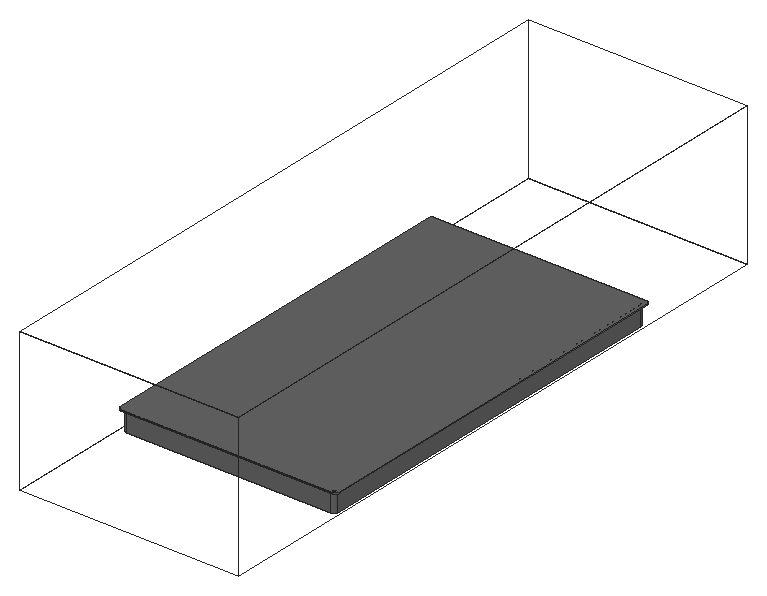
Revit family "Control_Panels-Lutron-DIN_Rail_Retrofit_Subplate (1)", category Electrical Equipment, host Face, Revit 2020 (continued)
Definition of nested family "Detail Grill"
  Lines and regions (in)
    model lines, visible <- "Size A", detail levels fine
      curve 1361: line (7.59915, 16.24542, 0) -> (7.59915, 15.9955, 0)
      curve 1362: line (7.59915, 15.9955, 0) -> (8.59915, 15.9955, 0)
      curve 1363: line (7.59915, 16.24542, 0) -> (8.59915, 16.24542, 0)
      curve 1364: line (8.59915, 16.24542, 0) -> (8.59915, 15.9955, 0)
      curve 1365: line (7.59915, 16.64341, 0) -> (7.59915, 16.39349, 0)
      curve 1366: line (7.59915, 16.39349, 0) -> (8.59915, 16.39349, 0)
      curve 1367: line (7.59915, 16.64341, 0) -> (8.59915, 16.64341, 0)
      curve 1368: line (8.59915, 16.64341, 0) -> (8.59915, 16.39349, 0)
      curve 1369: line (8.84915, 15.84741, 0) -> (8.84915, 15.59749, 0)
      curve 1370: line (8.84915, 15.59749, 0) -> (9.84915, 15.59749, 0)
      curve 1371: line (8.84915, 15.84741, 0) -> (9.84915, 15.84741, 0)
      curve 1372: line (9.84915, 15.84741, 0) -> (9.84915, 15.59749, 0)
      curve 1373: line (8.84915, 16.24542, 0) -> (8.84915, 15.9955, 0)
      curve 1374: line (8.84915, 15.9955, 0) -> (9.84915, 15.9955, 0)
      curve 1375: line (8.84915, 16.24542, 0) -> (9.84915, 16.24542, 0)
      curve 1376: line (9.84915, 16.24542, 0) -> (9.84915, 15.9955, 0)
      curve 1377: line (8.84915, 16.64341, 0) -> (8.84915, 16.39349, 0)
      curve 1378: line (8.84915, 16.39349, 0) -> (9.84915, 16.39349, 0)
      curve 1379: line (8.84915, 16.64341, 0) -> (9.84915, 16.64341, 0)
      curve 1380: line (9.84915, 16.64341, 0) -> (9.84915, 16.39349, 0)
      curve 1381: line (3.84925, 13.19944, 0) -> (3.84925, 13.10933, 0)
      curve 1382: line (3.84925, 13.10933, 0) -> (4.84925, 13.10933, 0)
      curve 1383: line (3.84925, 13.19944, 0) -> (4.84925, 13.19944, 0)
      curve 1384: line (4.84925, 13.19944, 0) -> (4.84925, 13.10933, 0)
      curve 1385: line (3.84925, 12.96139, 0) -> (3.84925, 12.87129, 0)
      curve 1386: line (3.84925, 12.87129, 0) -> (4.84925, 12.87129, 0)
      curve 1387: line (3.84925, 12.96139, 0) -> (4.84925, 12.96139, 0)
      curve 1388: line (4.84925, 12.96139, 0) -> (4.84925, 12.87129, 0)
      curve 1389: line (3.84925, 12.72344, 0) -> (3.84925, 12.63334, 0)
      curve 1390: line (3.84925, 12.63334, 0) -> (4.84925, 12.63334, 0)
      curve 1391: line (3.84925, 12.72344, 0) -> (4.84925, 12.72344, 0)
      curve 1392: line (4.84925, 12.72344, 0) -> (4.84925, 12.63334, 0)
      curve 1393: line (5.09915, 13.19944, 0) -> (5.09915, 13.10933, 0)
      curve 1394: line (5.09915, 13.10933, 0) -> (6.09915, 13.10933, 0)
      curve 1395: line (5.09915, 13.19944, 0) -> (6.09915, 13.19944, 0)
      curve 1396: line (6.09915, 13.19944, 0) -> (6.09915, 13.10933, 0)
      curve 1397: line (5.09915, 12.96139, 0) -> (5.09915, 12.87129, 0)
      curve 1398: line (5.09915, 12.87129, 0) -> (6.09915, 12.87129, 0)
      curve 1399: line (5.09915, 12.96139, 0) -> (6.09915, 12.96139, 0)
      curve 1400: line (6.09915, 12.96139, 0) -> (6.09915, 12.87129, 0)
      curve 1401: line (5.09915, 12.72344, 0) -> (5.09915, 12.63334, 0)
      curve 1402: line (5.09915, 12.63334, 0) -> (6.09915, 12.63334, 0)
      curve 1403: line (5.09915, 12.72344, 0) -> (6.09915, 12.72344, 0)
      curve 1404: line (6.09915, 12.72344, 0) -> (6.09915, 12.63334, 0)
      curve 1405: line (6.34915, 13.19944, 0) -> (6.34915, 13.10933, 0)
      curve 1406: line (6.34915, 13.10933, 0) -> (7.34915, 13.10933, 0)
      curve 1407: line (6.34915, 13.19944, 0) -> (7.34915, 13.19944, 0)
      curve 1408: line (7.34915, 13.19944, 0) -> (7.34915, 13.10933, 0)
      curve 1409: line (6.34915, 12.96139, 0) -> (6.34915, 12.87129, 0)
      curve 1410: line (6.34915, 12.87129, 0) -> (7.34915, 12.87129, 0)
      curve 1411: line (6.34915, 12.96139, 0) -> (7.34915, 12.96139, 0)
      curve 1412: line (7.34915, 12.96139, 0) -> (7.34915, 12.87129, 0)
      curve 1413: line (6.34915, 12.72344, 0) -> (6.34915, 12.63334, 0)
      curve 1414: line (6.34915, 12.63334, 0) -> (7.34915, 12.63334, 0)
      curve 1415: line (6.34915, 12.72344, 0) -> (7.34915, 12.72344, 0)
      curve 1416: line (7.34915, 12.72344, 0) -> (7.34915, 12.63334, 0)
      curve 1417: line (7.59915, 13.19944, 0) -> (7.59915, 13.10933, 0)
      curve 1418: line (7.59915, 13.10933, 0) -> (8.59915, 13.10933, 0)
      curve 1419: line (7.59915, 13.19944, 0) -> (8.59915, 13.19944, 0)
      curve 1420: line (8.59915, 13.19944, 0) -> (8.59915, 13.10933, 0)
      curve 1421: line (7.59915, 12.96139, 0) -> (7.59915, 12.87129, 0)
      curve 1422: line (7.59915, 12.87129, 0) -> (8.59915, 12.87129, 0)
      curve 1423: line (7.59915, 12.96139, 0) -> (8.59915, 12.96139, 0)
      curve 1424: line (8.59915, 12.96139, 0) -> (8.59915, 12.87129, 0)
      curve 1425: line (7.59915, 12.72344, 0) -> (7.59915, 12.63334, 0)
      curve 1426: line (7.59915, 12.63334, 0) -> (8.59915, 12.63334, 0)
      curve 1427: line (7.59915, 12.72344, 0) -> (8.59915, 12.72344, 0)
      curve 1428: line (8.59915, 12.72344, 0) -> (8.59915, 12.63334, 0)
      curve 1429: line (8.84915, 13.19944, 0) -> (8.84915, 13.10933, 0)
      curve 1430: line (8.84915, 13.10933, 0) -> (9.84915, 13.10933, 0)
      curve 1431: line (8.84915, 13.19944, 0) -> (9.84915, 13.19944, 0)
      curve 1432: line (9.84915, 13.19944, 0) -> (9.84915, 13.10933, 0)
      curve 1433: line (8.84915, 12.96139, 0) -> (8.84915, 12.87129, 0)
      curve 1434: line (8.84915, 12.87129, 0) -> (9.84915, 12.87129, 0)
      curve 1435: line (8.84915, 12.96139, 0) -> (9.84915, 12.96139, 0)
      curve 1436: line (9.84915, 12.96139, 0) -> (9.84915, 12.87129, 0)
      curve 1437: line (8.84915, 12.72344, 0) -> (8.84915, 12.63334, 0)
      curve 1438: line (8.84915, 12.63334, 0) -> (9.84915, 12.63334, 0)
      curve 1439: line (8.84915, 12.72344, 0) -> (9.84915, 12.72344, 0)
      curve 1440: line (9.84915, 12.72344, 0) -> (9.84915, 12.63334, 0)
      curve 1441: line (3.84925, 13.5974, 0) -> (3.84925, 13.34748, 0)
      curve 1442: line (3.84925, 13.34748, 0) -> (4.84925, 13.34748, 0)
      curve 1443: line (3.84925, 13.5974, 0) -> (4.84925, 13.5974, 0)
      curve 1444: line (4.84925, 13.5974, 0) -> (4.84925, 13.34748, 0)
      curve 1445: line (3.84925, 13.99542, 0) -> (3.84925, 13.7455, 0)
      curve 1446: line (3.84925, 13.7455, 0) -> (4.84925, 13.7455, 0)
      curve 1447: line (3.84925, 13.99542, 0) -> (4.84925, 13.99542, 0)
      curve 1448: line (4.84925, 13.99542, 0) -> (4.84925, 13.7455, 0)
      curve 1449: line (3.84925, 14.3934, 0) -> (3.84925, 14.14349, 0)
      curve 1450: line (3.84925, 14.14349, 0) -> (4.84925, 14.14349, 0)
      curve 1451: line (3.84925, 14.3934, 0) -> (4.84925, 14.3934, 0)
      curve 1452: line (4.84925, 14.3934, 0) -> (4.84925, 14.14349, 0)
      curve 1453: line (5.09915, 13.5974, 0) -> (5.09915, 13.34748, 0)
      curve 1454: line (5.09915, 13.34748, 0) -> (6.09915, 13.34748, 0)
      curve 1455: line (5.09915, 13.5974, 0) -> (6.09915, 13.5974, 0)
      curve 1456: line (6.09915, 13.5974, 0) -> (6.09915, 13.34748, 0)
      curve 1457: line (5.09915, 13.99542, 0) -> (5.09915, 13.7455, 0)
      curve 1458: line (5.09915, 13.7455, 0) -> (6.09915, 13.7455, 0)
      curve 1459: line (5.09915, 13.99542, 0) -> (6.09915, 13.99542, 0)
      curve 1460: line (6.09915, 13.99542, 0) -> (6.09915, 13.7455, 0)
      curve 1461: line (5.09915, 14.3934, 0) -> (5.09915, 14.14349, 0)
      curve 1462: line (5.09915, 14.14349, 0) -> (6.09915, 14.14349, 0)
      curve 1463: line (5.09915, 14.3934, 0) -> (6.09915, 14.3934, 0)
      curve 1464: line (6.09915, 14.3934, 0) -> (6.09915, 14.14349, 0)
      curve 1465: line (6.34915, 13.5974, 0) -> (6.34915, 13.34748, 0)
      curve 1466: line (6.34915, 13.34748, 0) -> (7.34915, 13.34748, 0)
      curve 1467: line (6.34915, 13.5974, 0) -> (7.34915, 13.5974, 0)
      curve 1468: line (7.34915, 13.5974, 0) -> (7.34915, 13.34748, 0)
      curve 1469: line (6.34915, 13.99542, 0) -> (6.34915, 13.7455, 0)
      curve 1470: line (6.34915, 13.7455, 0) -> (7.34915, 13.7455, 0)
      curve 1471: line (6.34915, 13.99542, 0) -> (7.34915, 13.99542, 0)
      curve 1472: line (7.34915, 13.99542, 0) -> (7.34915, 13.7455, 0)
      curve 1473: line (6.34915, 14.3934, 0) -> (6.34915, 14.14349, 0)
      curve 1474: line (6.34915, 14.14349, 0) -> (7.34915, 14.14349, 0)
      curve 1475: line (6.34915, 14.3934, 0) -> (7.34915, 14.3934, 0)
      curve 1476: line (7.34915, 14.3934, 0) -> (7.34915, 14.14349, 0)
      curve 1477: line (7.59915, 13.5974, 0) -> (7.59915, 13.34748, 0)
      curve 1478: line (7.59915, 13.34748, 0) -> (8.59915, 13.34748, 0)
      curve 1479: line (7.59915, 13.5974, 0) -> (8.59915, 13.5974, 0)
      curve 1480: line (8.59915, 13.5974, 0) -> (8.59915, 13.34748, 0)
      curve 1481: line (7.59915, 13.99542, 0) -> (7.59915, 13.7455, 0)
      curve 1482: line (7.59915, 13.7455, 0) -> (8.59915, 13.7455, 0)
      curve 1483: line (7.59915, 13.99542, 0) -> (8.59915, 13.99542, 0)
      curve 1484: line (8.59915, 13.99542, 0) -> (8.59915, 13.7455, 0)
      curve 1485: line (7.59915, 14.3934, 0) -> (7.59915, 14.14349, 0)
      curve 1486: line (7.59915, 14.14349, 0) -> (8.59915, 14.14349, 0)
      curve 1487: line (7.59915, 14.3934, 0) -> (8.59915, 14.3934, 0)
      curve 1488: line (8.59915, 14.3934, 0) -> (8.59915, 14.14349, 0)
      curve 1489: line (8.84915, 13.5974, 0) -> (8.84915, 13.34748, 0)
      curve 1490: line (8.84915, 13.34748, 0) -> (9.84915, 13.34748, 0)
      curve 1491: line (8.84915, 13.5974, 0) -> (9.84915, 13.5974, 0)
      curve 1492: line (9.84915, 13.5974, 0) -> (9.84915, 13.34748, 0)
      curve 1493: line (8.84915, 13.99542, 0) -> (8.84915, 13.7455, 0)
      curve 1494: line (8.84915, 13.7455, 0) -> (9.84915, 13.7455, 0)
      curve 1495: line (8.84915, 13.99542, 0) -> (9.84915, 13.99542, 0)
      curve 1496: line (9.84915, 13.99542, 0) -> (9.84915, 13.7455, 0)
      curve 1497: line (8.84915, 14.3934, 0) -> (8.84915, 14.14349, 0)
      curve 1498: line (8.84915, 14.14349, 0) -> (9.84915, 14.14349, 0)
      curve 1499: line (8.84915, 14.3934, 0) -> (9.84915, 14.3934, 0)
      curve 1500: line (9.84915, 14.3934, 0) -> (9.84915, 14.14349, 0)
      curve 1501: line (3.84925, 10.94943, 0) -> (3.84925, 10.85933, 0)
      curve 1502: line (3.84925, 10.85933, 0) -> (4.84925, 10.85933, 0)
      curve 1503: line (3.84925, 10.94943, 0) -> (4.84925, 10.94943, 0)
      curve 1504: line (4.84925, 10.94943, 0) -> (4.84925, 10.85933, 0)
      curve 1505: line (3.84925, 10.71139, 0) -> (3.84925, 10.62128, 0)
      curve 1506: line (3.84925, 10.62128, 0) -> (4.84925, 10.62128, 0)
      curve 1507: line (3.84925, 10.71139, 0) -> (4.84925, 10.71139, 0)
      curve 1508: line (4.84925, 10.71139, 0) -> (4.84925, 10.62128, 0)
      curve 1509: line (3.84925, 10.47344, 0) -> (3.84925, 10.38333, 0)
      curve 1510: line (3.84925, 10.38333, 0) -> (4.84925, 10.38333, 0)
      curve 1511: line (3.84925, 10.47344, 0) -> (4.84925, 10.47344, 0)
      curve 1512: line (4.84925, 10.47344, 0) -> (4.84925, 10.38333, 0)
      curve 1513: line (5.09915, 10.94943, 0) -> (5.09915, 10.85933, 0)
      curve 1514: line (5.09915, 10.85933, 0) -> (6.09915, 10.85933, 0)
      curve 1515: line (5.09915, 10.94943, 0) -> (6.09915, 10.94943, 0)
      curve 1516: line (6.09915, 10.94943, 0) -> (6.09915, 10.85933, 0)
      curve 1517: line (5.09915, 10.71139, 0) -> (5.09915, 10.62128, 0)
      curve 1518: line (5.09915, 10.62128, 0) -> (6.09915, 10.62128, 0)
      curve 1519: line (5.09915, 10.71139, 0) -> (6.09915, 10.71139, 0)
      curve 1520: line (6.09915, 10.71139, 0) -> (6.09915, 10.62128, 0)
      curve 1521: line (5.09915, 10.47344, 0) -> (5.09915, 10.38333, 0)
      curve 1522: line (5.09915, 10.38333, 0) -> (6.09915, 10.38333, 0)
      curve 1523: line (5.09915, 10.47344, 0) -> (6.09915, 10.47344, 0)
      curve 1524: line (6.09915, 10.47344, 0) -> (6.09915, 10.38333, 0)
      curve 1525: line (6.34915, 10.94943, 0) -> (6.34915, 10.85933, 0)
      curve 1526: line (6.34915, 10.85933, 0) -> (7.34915, 10.85933, 0)
      curve 1527: line (6.34915, 10.94943, 0) -> (7.34915, 10.94943, 0)
      curve 1528: line (7.34915, 10.94943, 0) -> (7.34915, 10.85933, 0)
      curve 1529: line (6.34915, 10.71139, 0) -> (6.34915, 10.62128, 0)
      curve 1530: line (6.34915, 10.62128, 0) -> (7.34915, 10.62128, 0)
      curve 1531: line (6.34915, 10.71139, 0) -> (7.34915, 10.71139, 0)
      curve 1532: line (7.34915, 10.71139, 0) -> (7.34915, 10.62128, 0)
      curve 1533: line (6.34915, 10.47344, 0) -> (6.34915, 10.38333, 0)
      curve 1534: line (6.34915, 10.38333, 0) -> (7.34915, 10.38333, 0)
      curve 1535: line (6.34915, 10.47344, 0) -> (7.34915, 10.47344, 0)
      curve 1536: line (7.34915, 10.47344, 0) -> (7.34915, 10.38333, 0)
      curve 1537: line (7.59915, 10.94943, 0) -> (7.59915, 10.85933, 0)
      curve 1538: line (7.59915, 10.85933, 0) -> (8.59915, 10.85933, 0)
      curve 1539: line (7.59915, 10.94943, 0) -> (8.59915, 10.94943, 0)
      curve 1540: line (8.59915, 10.94943, 0) -> (8.59915, 10.85933, 0)
      curve 1541: line (7.59915, 10.71139, 0) -> (7.59915, 10.62128, 0)
      curve 1542: line (7.59915, 10.62128, 0) -> (8.59915, 10.62128, 0)
      curve 1543: line (7.59915, 10.71139, 0) -> (8.59915, 10.71139, 0)
      curve 1544: line (8.59915, 10.71139, 0) -> (8.59915, 10.62128, 0)
      curve 1545: line (7.59915, 10.47344, 0) -> (7.59915, 10.38333, 0)
      curve 1546: line (7.59915, 10.38333, 0) -> (8.59915, 10.38333, 0)
      curve 1547: line (7.59915, 10.47344, 0) -> (8.59915, 10.47344, 0)
      curve 1548: line (8.59915, 10.47344, 0) -> (8.59915, 10.38333, 0)
      curve 1549: line (8.84915, 10.94943, 0) -> (8.84915, 10.85933, 0)
      curve 1550: line (8.84915, 10.85933, 0) -> (9.84915, 10.85933, 0)
      curve 1551: line (8.84915, 10.94943, 0) -> (9.84915, 10.94943, 0)
      curve 1552: line (9.84915, 10.94943, 0) -> (9.84915, 10.85933, 0)
      curve 1553: line (8.84915, 10.71139, 0) -> (8.84915, 10.62128, 0)
      curve 1554: line (8.84915, 10.62128, 0) -> (9.84915, 10.62128, 0)
      curve 1555: line (8.84915, 10.71139, 0) -> (9.84915, 10.71139, 0)
      curve 1556: line (9.84915, 10.71139, 0) -> (9.84915, 10.62128, 0)
      curve 1557: line (8.84915, 10.47344, 0) -> (8.84915, 10.38333, 0)
      curve 1558: line (8.84915, 10.38333, 0) -> (9.84915, 10.38333, 0)
      curve 1559: line (8.84915, 10.47344, 0) -> (9.84915, 10.47344, 0)
      curve 1560: line (9.84915, 10.47344, 0) -> (9.84915, 10.38333, 0)
      curve 1561: line (3.84925, 11.3474, 0) -> (3.84925, 11.09748, 0)
      curve 1562: line (3.84925, 11.09748, 0) -> (4.84925, 11.09748, 0)
      curve 1563: line (3.84925, 11.3474, 0) -> (4.84925, 11.3474, 0)
      curve 1564: line (4.84925, 11.3474, 0) -> (4.84925, 11.09748, 0)
      curve 1565: line (3.84925, 11.74541, 0) -> (3.84925, 11.49549, 0)
      curve 1566: line (3.84925, 11.49549, 0) -> (4.84925, 11.49549, 0)
      curve 1567: line (3.84925, 11.74541, 0) -> (4.84925, 11.74541, 0)
      curve 1568: line (4.84925, 11.74541, 0) -> (4.84925, 11.49549, 0)
      curve 1569: line (3.84925, 12.1434, 0) -> (3.84925, 11.89348, 0)
      curve 1570: line (3.84925, 11.89348, 0) -> (4.84925, 11.89348, 0)
      curve 1571: line (3.84925, 12.1434, 0) -> (4.84925, 12.1434, 0)
      curve 1572: line (4.84925, 12.1434, 0) -> (4.84925, 11.89348, 0)
      curve 1573: line (5.09915, 11.3474, 0) -> (5.09915, 11.09748, 0)
      curve 1574: line (5.09915, 11.09748, 0) -> (6.09915, 11.09748, 0)
      curve 1575: line (5.09915, 11.3474, 0) -> (6.09915, 11.3474, 0)
      curve 1576: line (6.09915, 11.3474, 0) -> (6.09915, 11.09748, 0)
      curve 1577: line (5.09915, 11.74541, 0) -> (5.09915, 11.49549, 0)
      curve 1578: line (5.09915, 11.49549, 0) -> (6.09915, 11.49549, 0)
      curve 1579: line (5.09915, 11.74541, 0) -> (6.09915, 11.74541, 0)
      curve 1580: line (6.09915, 11.74541, 0) -> (6.09915, 11.49549, 0)
      curve 1581: line (5.09915, 12.1434, 0) -> (5.09915, 11.89348, 0)
      curve 1582: line (5.09915, 11.89348, 0) -> (6.09915, 11.89348, 0)
      curve 1583: line (5.09915, 12.1434, 0) -> (6.09915, 12.1434, 0)
      curve 1584: line (6.09915, 12.1434, 0) -> (6.09915, 11.89348, 0)
      curve 1585: line (6.34915, 11.3474, 0) -> (6.34915, 11.09748, 0)
      curve 1586: line (6.34915, 11.09748, 0) -> (7.34915, 11.09748, 0)
      curve 1587: line (6.34915, 11.3474, 0) -> (7.34915, 11.3474, 0)
      curve 1588: line (7.34915, 11.3474, 0) -> (7.34915, 11.09748, 0)
      curve 1589: line (6.34915, 11.74541, 0) -> (6.34915, 11.49549, 0)
      curve 1590: line (6.34915, 11.49549, 0) -> (7.34915, 11.49549, 0)
      curve 1591: line (6.34915, 11.74541, 0) -> (7.34915, 11.74541, 0)
      curve 1592: line (7.34915, 11.74541, 0) -> (7.34915, 11.49549, 0)
      curve 1593: line (6.34915, 12.1434, 0) -> (6.34915, 11.89348, 0)
      curve 1594: line (6.34915, 11.89348, 0) -> (7.34915, 11.89348, 0)
      curve 1595: line (6.34915, 12.1434, 0) -> (7.34915, 12.1434, 0)
      curve 1596: line (7.34915, 12.1434, 0) -> (7.34915, 11.89348, 0)
      curve 1597: line (7.59915, 11.3474, 0) -> (7.59915, 11.09748, 0)
      curve 1598: line (7.59915, 11.09748, 0) -> (8.59915, 11.09748, 0)
      curve 1599: line (7.59915, 11.3474, 0) -> (8.59915, 11.3474, 0)
      curve 1600: line (8.59915, 11.3474, 0) -> (8.59915, 11.09748, 0)
      curve 1601: line (7.59915, 11.74541, 0) -> (7.59915, 11.49549, 0)
      curve 1602: line (7.59915, 11.49549, 0) -> (8.59915, 11.49549, 0)
      curve 1603: line (7.59915, 11.74541, 0) -> (8.59915, 11.74541, 0)
      curve 1604: line (8.59915, 11.74541, 0) -> (8.59915, 11.49549, 0)
      curve 1605: line (7.59915, 12.1434, 0) -> (7.59915, 11.89348, 0)
      curve 1606: line (7.59915, 11.89348, 0) -> (8.59915, 11.89348, 0)
      curve 1607: line (7.59915, 12.1434, 0) -> (8.59915, 12.1434, 0)
      curve 1608: line (8.59915, 12.1434, 0) -> (8.59915, 11.89348, 0)
      curve 1609: line (8.84915, 11.3474, 0) -> (8.84915, 11.09748, 0)
      curve 1610: line (8.84915, 11.09748, 0) -> (9.84915, 11.09748, 0)
      curve 1611: line (8.84915, 11.3474, 0) -> (9.84915, 11.3474, 0)
      curve 1612: line (9.84915, 11.3474, 0) -> (9.84915, 11.09748, 0)
      curve 1613: line (8.84915, 11.74541, 0) -> (8.84915, 11.49549, 0)
      curve 1614: line (8.84915, 11.49549, 0) -> (9.84915, 11.49549, 0)
      curve 1615: line (8.84915, 11.74541, 0) -> (9.84915, 11.74541, 0)
      curve 1616: line (9.84915, 11.74541, 0) -> (9.84915, 11.49549, 0)
      curve 1617: line (8.84915, 12.1434, 0) -> (8.84915, 11.89348, 0)
      curve 1618: line (8.84915, 11.89348, 0) -> (9.84915, 11.89348, 0)
      curve 1619: line (8.84915, 12.1434, 0) -> (9.84915, 12.1434, 0)
      curve 1620: line (9.84915, 12.1434, 0) -> (9.84915, 11.89348, 0)
      curve 1621: line (3.84925, 8.69943, 0) -> (3.84925, 8.60932, 0)
      curve 1622: line (3.84925, 8.60932, 0) -> (4.84925, 8.60932, 0)
      curve 1623: line (3.84925, 8.69943, 0) -> (4.84925, 8.69943, 0)
      curve 1624: line (4.84925, 8.69943, 0) -> (4.84925, 8.60932, 0)
      curve 1625: line (3.84925, 8.46138, 0) -> (3.84925, 8.37128, 0)
      curve 1626: line (3.84925, 8.37128, 0) -> (4.84925, 8.37128, 0)
      curve 1627: line (3.84925, 8.46138, 0) -> (4.84925, 8.46138, 0)
      curve 1628: line (4.84925, 8.46138, 0) -> (4.84925, 8.37128, 0)
      curve 1629: line (3.84925, 8.22343, 0) -> (3.84925, 8.13333, 0)
      curve 1630: line (3.84925, 8.13333, 0) -> (4.84925, 8.13333, 0)
      curve 1631: line (3.84925, 8.22343, 0) -> (4.84925, 8.22343, 0)
      curve 1632: line (4.84925, 8.22343, 0) -> (4.84925, 8.13333, 0)
      curve 1633: line (5.09915, 8.69943, 0) -> (5.09915, 8.60932, 0)
      curve 1634: line (5.09915, 8.60932, 0) -> (6.09915, 8.60932, 0)
      curve 1635: line (5.09915, 8.69943, 0) -> (6.09915, 8.69943, 0)
      curve 1636: line (6.09915, 8.69943, 0) -> (6.09915, 8.60932, 0)
      curve 1637: line (5.09915, 8.46138, 0) -> (5.09915, 8.37128, 0)
      curve 1638: line (5.09915, 8.37128, 0) -> (6.09915, 8.37128, 0)
      curve 1639: line (5.09915, 8.46138, 0) -> (6.09915, 8.46138, 0)
      curve 1640: line (6.09915, 8.46138, 0) -> (6.09915, 8.37128, 0)
      curve 1641: line (5.09915, 8.22343, 0) -> (5.09915, 8.13333, 0)
      curve 1642: line (5.09915, 8.13333, 0) -> (6.09915, 8.13333, 0)
      curve 1643: line (5.09915, 8.22343, 0) -> (6.09915, 8.22343, 0)
      curve 1644: line (6.09915, 8.22343, 0) -> (6.09915, 8.13333, 0)
      curve 1645: line (6.34915, 8.69943, 0) -> (6.34915, 8.60932, 0)
      curve 1646: line (6.34915, 8.60932, 0) -> (7.34915, 8.60932, 0)
      curve 1647: line (6.34915, 8.69943, 0) -> (7.34915, 8.69943, 0)
      curve 1648: line (7.34915, 8.69943, 0) -> (7.34915, 8.60932, 0)
      curve 1649: line (6.34915, 8.46138, 0) -> (6.34915, 8.37128, 0)
      curve 1650: line (6.34915, 8.37128, 0) -> (7.34915, 8.37128, 0)
      curve 1651: line (6.34915, 8.46138, 0) -> (7.34915, 8.46138, 0)
      curve 1652: line (7.34915, 8.46138, 0) -> (7.34915, 8.37128, 0)
      curve 1653: line (6.34915, 8.22343, 0) -> (6.34915, 8.13333, 0)
      curve 1654: line (6.34915, 8.13333, 0) -> (7.34915, 8.13333, 0)
      curve 1655: line (6.34915, 8.22343, 0) -> (7.34915, 8.22343, 0)
      curve 1656: line (7.34915, 8.22343, 0) -> (7.34915, 8.13333, 0)
      curve 1657: line (7.59915, 8.69943, 0) -> (7.59915, 8.60932, 0)
      curve 1658: line (7.59915, 8.60932, 0) -> (8.59915, 8.60932, 0)
      curve 1659: line (7.59915, 8.69943, 0) -> (8.59915, 8.69943, 0)
      curve 1660: line (8.59915, 8.69943, 0) -> (8.59915, 8.60932, 0)
      curve 1661: line (7.59915, 8.46138, 0) -> (7.59915, 8.37128, 0)
      curve 1662: line (7.59915, 8.37128, 0) -> (8.59915, 8.37128, 0)
      curve 1663: line (7.59915, 8.46138, 0) -> (8.59915, 8.46138, 0)
      curve 1664: line (8.59915, 8.46138, 0) -> (8.59915, 8.37128, 0)
      curve 1665: line (7.59915, 8.22343, 0) -> (7.59915, 8.13333, 0)
      curve 1666: line (7.59915, 8.13333, 0) -> (8.59915, 8.13333, 0)
      curve 1667: line (7.59915, 8.22343, 0) -> (8.59915, 8.22343, 0)
      curve 1668: line (8.59915, 8.22343, 0) -> (8.59915, 8.13333, 0)
      curve 1669: line (8.84915, 8.69943, 0) -> (8.84915, 8.60932, 0)
      curve 1670: line (8.84915, 8.60932, 0) -> (9.84915, 8.60932, 0)
      curve 1671: line (8.84915, 8.69943, 0) -> (9.84915, 8.69943, 0)
      curve 1672: line (9.84915, 8.69943, 0) -> (9.84915, 8.60932, 0)
      curve 1673: line (8.84915, 8.46138, 0) -> (8.84915, 8.37128, 0)
      curve 1674: line (8.84915, 8.37128, 0) -> (9.84915, 8.37128, 0)
      curve 1675: line (8.84915, 8.46138, 0) -> (9.84915, 8.46138, 0)
      curve 1676: line (9.84915, 8.46138, 0) -> (9.84915, 8.37128, 0)
      curve 1677: line (8.84915, 8.22343, 0) -> (8.84915, 8.13333, 0)
      curve 1678: line (8.84915, 8.13333, 0) -> (9.84915, 8.13333, 0)
      curve 1679: line (8.84915, 8.22343, 0) -> (9.84915, 8.22343, 0)
      curve 1680: line (9.84915, 8.22343, 0) -> (9.84915, 8.13333, 0)
      curve 1681: line (3.84925, 9.09739, 0) -> (3.84925, 8.84747, 0)
      curve 1682: line (3.84925, 8.84747, 0) -> (4.84925, 8.84747, 0)
      curve 1683: line (3.84925, 9.09739, 0) -> (4.84925, 9.09739, 0)
      curve 1684: line (4.84925, 9.09739, 0) -> (4.84925, 8.84747, 0)
      curve 1685: line (3.84925, 9.49541, 0) -> (3.84925, 9.24549, 0)
      curve 1686: line (3.84925, 9.24549, 0) -> (4.84925, 9.24549, 0)
      curve 1687: line (3.84925, 9.49541, 0) -> (4.84925, 9.49541, 0)
      curve 1688: line (4.84925, 9.49541, 0) -> (4.84925, 9.24549, 0)
      curve 1689: line (3.84925, 9.89339, 0) -> (3.84925, 9.64348, 0)
      curve 1690: line (3.84925, 9.64348, 0) -> (4.84925, 9.64348, 0)
      curve 1691: line (3.84925, 9.89339, 0) -> (4.84925, 9.89339, 0)
      curve 1692: line (4.84925, 9.89339, 0) -> (4.84925, 9.64348, 0)
      curve 1693: line (5.09915, 9.09739, 0) -> (5.09915, 8.84747, 0)
      curve 1694: line (5.09915, 8.84747, 0) -> (6.09915, 8.84747, 0)
      curve 1695: line (5.09915, 9.09739, 0) -> (6.09915, 9.09739, 0)
      curve 1696: line (6.09915, 9.09739, 0) -> (6.09915, 8.84747, 0)
      curve 1697: line (5.09915, 9.49541, 0) -> (5.09915, 9.24549, 0)
      curve 1698: line (5.09915, 9.24549, 0) -> (6.09915, 9.24549, 0)
      curve 1699: line (5.09915, 9.49541, 0) -> (6.09915, 9.49541, 0)
      curve 1700: line (6.09915, 9.49541, 0) -> (6.09915, 9.24549, 0)
      curve 1701: line (5.09915, 9.89339, 0) -> (5.09915, 9.64348, 0)
      curve 1702: line (5.09915, 9.64348, 0) -> (6.09915, 9.64348, 0)
      curve 1703: line (5.09915, 9.89339, 0) -> (6.09915, 9.89339, 0)
      curve 1704: line (6.09915, 9.89339, 0) -> (6.09915, 9.64348, 0)
      curve 1705: line (6.34915, 9.09739, 0) -> (6.34915, 8.84747, 0)
      curve 1706: line (6.34915, 8.84747, 0) -> (7.34915, 8.84747, 0)
      curve 1707: line (6.34915, 9.09739, 0) -> (7.34915, 9.09739, 0)
      curve 1708: line (7.34915, 9.09739, 0) -> (7.34915, 8.84747, 0)
      curve 1709: line (6.34915, 9.49541, 0) -> (6.34915, 9.24549, 0)
      curve 1710: line (6.34915, 9.24549, 0) -> (7.34915, 9.24549, 0)
      curve 1711: line (6.34915, 9.49541, 0) -> (7.34915, 9.49541, 0)
      curve 1712: line (7.34915, 9.49541, 0) -> (7.34915, 9.24549, 0)
      curve 1713: line (6.34915, 9.89339, 0) -> (6.34915, 9.64348, 0)
      curve 1714: line (6.34915, 9.64348, 0) -> (7.34915, 9.64348, 0)
      curve 1715: line (6.34915, 9.89339, 0) -> (7.34915, 9.89339, 0)
      curve 1716: line (7.34915, 9.89339, 0) -> (7.34915, 9.64348, 0)
      curve 1717: line (7.59915, 9.09739, 0) -> (7.59915, 8.84747, 0)
      curve 1718: line (7.59915, 8.84747, 0) -> (8.59915, 8.84747, 0)
      curve 1719: line (7.59915, 9.09739, 0) -> (8.59915, 9.09739, 0)
      curve 1720: line (8.59915, 9.09739, 0) -> (8.59915, 8.84747, 0)
      curve 1721: line (7.59915, 9.49541, 0) -> (7.59915, 9.24549, 0)
      curve 1722: line (7.59915, 9.24549, 0) -> (8.59915, 9.24549, 0)
      curve 1723: line (7.59915, 9.49541, 0) -> (8.59915, 9.49541, 0)
      curve 1724: line (8.59915, 9.49541, 0) -> (8.59915, 9.24549, 0)
      curve 1725: line (7.59915, 9.89339, 0) -> (7.59915, 9.64348, 0)
      curve 1726: line (7.59915, 9.64348, 0) -> (8.59915, 9.64348, 0)
      curve 1727: line (7.59915, 9.89339, 0) -> (8.59915, 9.89339, 0)
      curve 1728: line (8.59915, 9.89339, 0) -> (8.59915, 9.64348, 0)
      curve 1729: line (8.84915, 9.09739, 0) -> (8.84915, 8.84747, 0)
      curve 1730: line (8.84915, 8.84747, 0) -> (9.84915, 8.84747, 0)
      curve 1731: line (8.84915, 9.09739, 0) -> (9.84915, 9.09739, 0)
      curve 1732: line (9.84915, 9.09739, 0) -> (9.84915, 8.84747, 0)
      curve 1733: line (8.84915, 9.49541, 0) -> (8.84915, 9.24549, 0)
      curve 1734: line (8.84915, 9.24549, 0) -> (9.84915, 9.24549, 0)
      curve 1735: line (8.84915, 9.49541, 0) -> (9.84915, 9.49541, 0)
      curve 1736: line (9.84915, 9.49541, 0) -> (9.84915, 9.24549, 0)
      curve 1737: line (8.84915, 9.89339, 0) -> (8.84915, 9.64348, 0)
      curve 1738: line (8.84915, 9.64348, 0) -> (9.84915, 9.64348, 0)
      curve 1739: line (8.84915, 9.89339, 0) -> (9.84915, 9.89339, 0)
      curve 1740: line (9.84915, 9.89339, 0) -> (9.84915, 9.64348, 0)
      curve 1741: line (3.84925, 6.44944, 0) -> (3.84925, 6.35933, 0)
      curve 1742: line (3.84925, 6.35933, 0) -> (4.84925, 6.35933, 0)
      curve 1743: line (3.84925, 6.44944, 0) -> (4.84925, 6.44944, 0)
      curve 1744: line (4.84925, 6.44944, 0) -> (4.84925, 6.35933, 0)
      curve 1745: line (3.84925, 6.21139, 0) -> (3.84925, 6.12128, 0)
      curve 1746: line (3.84925, 6.12128, 0) -> (4.84925, 6.12128, 0)
      curve 1747: line (3.84925, 6.21139, 0) -> (4.84925, 6.21139, 0)
      curve 1748: line (4.84925, 6.21139, 0) -> (4.84925, 6.12128, 0)
      curve 1749: line (3.84925, 5.97344, 0) -> (3.84925, 5.88333, 0)
      curve 1750: line (3.84925, 5.88333, 0) -> (4.84925, 5.88333, 0)
      curve 1751: line (3.84925, 5.97344, 0) -> (4.84925, 5.97344, 0)
      curve 1752: line (4.84925, 5.97344, 0) -> (4.84925, 5.88333, 0)
      curve 1753: line (5.09915, 6.44944, 0) -> (5.09915, 6.35933, 0)
      curve 1754: line (5.09915, 6.35933, 0) -> (6.09915, 6.35933, 0)
      curve 1755: line (5.09915, 6.44944, 0) -> (6.09915, 6.44944, 0)
      curve 1756: line (6.09915, 6.44944, 0) -> (6.09915, 6.35933, 0)
      curve 1757: line (5.09915, 6.21139, 0) -> (5.09915, 6.12128, 0)
      curve 1758: line (5.09915, 6.12128, 0) -> (6.09915, 6.12128, 0)
      curve 1759: line (5.09915, 6.21139, 0) -> (6.09915, 6.21139, 0)
      curve 1760: line (6.09915, 6.21139, 0) -> (6.09915, 6.12128, 0)
      curve 1761: line (5.09915, 5.97344, 0) -> (5.09915, 5.88333, 0)
      curve 1762: line (5.09915, 5.88333, 0) -> (6.09915, 5.88333, 0)
      curve 1763: line (5.09915, 5.97344, 0) -> (6.09915, 5.97344, 0)
      curve 1764: line (6.09915, 5.97344, 0) -> (6.09915, 5.88333, 0)
      curve 1765: line (6.34915, 6.44944, 0) -> (6.34915, 6.35933, 0)
      curve 1766: line (6.34915, 6.35933, 0) -> (7.34915, 6.35933, 0)
      curve 1767: line (6.34915, 6.44944, 0) -> (7.34915, 6.44944, 0)
      curve 1768: line (7.34915, 6.44944, 0) -> (7.34915, 6.35933, 0)
      curve 1769: line (6.34915, 6.21139, 0) -> (6.34915, 6.12128, 0)
      curve 1770: line (6.34915, 6.12128, 0) -> (7.34915, 6.12128, 0)
      curve 1771: line (6.34915, 6.21139, 0) -> (7.34915, 6.21139, 0)
      curve 1772: line (7.34915, 6.21139, 0) -> (7.34915, 6.12128, 0)
      curve 1773: line (6.34915, 5.97344, 0) -> (6.34915, 5.88333, 0)
      curve 1774: line (6.34915, 5.88333, 0) -> (7.34915, 5.88333, 0)
      curve 1775: line (6.34915, 5.97344, 0) -> (7.34915, 5.97344, 0)
      curve 1776: line (7.34915, 5.97344, 0) -> (7.34915, 5.88333, 0)
      curve 1777: line (7.59915, 6.44944, 0) -> (7.59915, 6.35933, 0)
      curve 1778: line (7.59915, 6.35933, 0) -> (8.59915, 6.35933, 0)
      curve 1779: line (7.59915, 6.44944, 0) -> (8.59915, 6.44944, 0)
      curve 1780: line (8.59915, 6.44944, 0) -> (8.59915, 6.35933, 0)
      curve 1781: line (7.59915, 6.21139, 0) -> (7.59915, 6.12128, 0)
      curve 1782: line (7.59915, 6.12128, 0) -> (8.59915, 6.12128, 0)
      curve 1783: line (7.59915, 6.21139, 0) -> (8.59915, 6.21139, 0)
      curve 1784: line (8.59915, 6.21139, 0) -> (8.59915, 6.12128, 0)
      curve 1785: line (7.59915, 5.97344, 0) -> (7.59915, 5.88333, 0)
      curve 1786: line (7.59915, 5.88333, 0) -> (8.59915, 5.88333, 0)
      curve 1787: line (7.59915, 5.97344, 0) -> (8.59915, 5.97344, 0)
      curve 1788: line (8.59915, 5.97344, 0) -> (8.59915, 5.88333, 0)
      curve 1789: line (8.84915, 6.44944, 0) -> (8.84915, 6.35933, 0)
      curve 1790: line (8.84915, 6.35933, 0) -> (9.84915, 6.35933, 0)
      curve 1791: line (8.84915, 6.44944, 0) -> (9.84915, 6.44944, 0)
      curve 1792: line (9.84915, 6.44944, 0) -> (9.84915, 6.35933, 0)
      curve 1793: line (8.84915, 6.21139, 0) -> (8.84915, 6.12128, 0)
      curve 1794: line (8.84915, 6.12128, 0) -> (9.84915, 6.12128, 0)
      curve 1795: line (8.84915, 6.21139, 0) -> (9.84915, 6.21139, 0)
      curve 1796: line (9.84915, 6.21139, 0) -> (9.84915, 6.12128, 0)
      curve 1797: line (8.84915, 5.97344, 0) -> (8.84915, 5.88333, 0)
      curve 1798: line (8.84915, 5.88333, 0) -> (9.84915, 5.88333, 0)
      curve 1799: line (8.84915, 5.97344, 0) -> (9.84915, 5.97344, 0)
      curve 1800: line (9.84915, 5.97344, 0) -> (9.84915, 5.88333, 0)
      curve 1801: line (3.84925, 6.8474, 0) -> (3.84925, 6.59748, 0)
      curve 1802: line (3.84925, 6.59748, 0) -> (4.84925, 6.59748, 0)
      curve 1803: line (3.84925, 6.8474, 0) -> (4.84925, 6.8474, 0)
      curve 1804: line (4.84925, 6.8474, 0) -> (4.84925, 6.59748, 0)
      curve 1805: line (3.84925, 7.24541, 0) -> (3.84925, 6.9955, 0)
      curve 1806: line (3.84925, 6.9955, 0) -> (4.84925, 6.9955, 0)
      curve 1807: line (3.84925, 7.24541, 0) -> (4.84925, 7.24541, 0)
      curve 1808: line (4.84925, 7.24541, 0) -> (4.84925, 6.9955, 0)
      curve 1809: line (3.84925, 7.6434, 0) -> (3.84925, 7.39348, 0)
      curve 1810: line (3.84925, 7.39348, 0) -> (4.84925, 7.39348, 0)
      curve 1811: line (3.84925, 7.6434, 0) -> (4.84925, 7.6434, 0)
      curve 1812: line (4.84925, 7.6434, 0) -> (4.84925, 7.39348, 0)
      curve 1813: line (5.09915, 6.8474, 0) -> (5.09915, 6.59748, 0)
      curve 1814: line (5.09915, 6.59748, 0) -> (6.09915, 6.59748, 0)
      curve 1815: line (5.09915, 6.8474, 0) -> (6.09915, 6.8474, 0)
      curve 1816: line (6.09915, 6.8474, 0) -> (6.09915, 6.59748, 0)
      curve 1817: line (5.09915, 7.24541, 0) -> (5.09915, 6.9955, 0)
      curve 1818: line (5.09915, 6.9955, 0) -> (6.09915, 6.9955, 0)
      curve 1819: line (5.09915, 7.24541, 0) -> (6.09915, 7.24541, 0)
      curve 1820: line (6.09915, 7.24541, 0) -> (6.09915, 6.9955, 0)
      curve 1821: line (5.09915, 7.6434, 0) -> (5.09915, 7.39348, 0)
      curve 1822: line (5.09915, 7.39348, 0) -> (6.09915, 7.39348, 0)
      curve 1823: line (5.09915, 7.6434, 0) -> (6.09915, 7.6434, 0)
      curve 1824: line (6.09915, 7.6434, 0) -> (6.09915, 7.39348, 0)
      curve 1825: line (6.34915, 6.8474, 0) -> (6.34915, 6.59748, 0)
      curve 1826: line (6.34915, 6.59748, 0) -> (7.34915, 6.59748, 0)
      curve 1827: line (6.34915, 6.8474, 0) -> (7.34915, 6.8474, 0)
      curve 1828: line (7.34915, 6.8474, 0) -> (7.34915, 6.59748, 0)
      curve 1829: line (6.34915, 7.24541, 0) -> (6.34915, 6.9955, 0)
      curve 1830: line (6.34915, 6.9955, 0) -> (7.34915, 6.9955, 0)
      curve 1831: line (6.34915, 7.24541, 0) -> (7.34915, 7.24541, 0)
      curve 1832: line (7.34915, 7.24541, 0) -> (7.34915, 6.9955, 0)
      curve 1833: line (6.34915, 7.6434, 0) -> (6.34915, 7.39348, 0)
      curve 1834: line (6.34915, 7.39348, 0) -> (7.34915, 7.39348, 0)
      curve 1835: line (6.34915, 7.6434, 0) -> (7.34915, 7.6434, 0)
      curve 1836: line (7.34915, 7.6434, 0) -> (7.34915, 7.39348, 0)
      curve 1837: line (7.59915, 6.8474, 0) -> (7.59915, 6.59748, 0)
      curve 1838: line (7.59915, 6.59748, 0) -> (8.59915, 6.59748, 0)
      curve 1839: line (7.59915, 6.8474, 0) -> (8.59915, 6.8474, 0)
      curve 1840: line (8.59915, 6.8474, 0) -> (8.59915, 6.59748, 0)
      curve 1841: line (7.59915, 7.24541, 0) -> (7.59915, 6.9955, 0)
      curve 1842: line (7.59915, 6.9955, 0) -> (8.59915, 6.9955, 0)
      curve 1843: line (7.59915, 7.24541, 0) -> (8.59915, 7.24541, 0)
      curve 1844: line (8.59915, 7.24541, 0) -> (8.59915, 6.9955, 0)
      curve 1845: line (7.59915, 7.6434, 0) -> (7.59915, 7.39348, 0)
      curve 1846: line (7.59915, 7.39348, 0) -> (8.59915, 7.39348, 0)
      curve 1847: line (7.59915, 7.6434, 0) -> (8.59915, 7.6434, 0)
      curve 1848: line (8.59915, 7.6434, 0) -> (8.59915, 7.39348, 0)
      curve 1849: line (8.84915, 6.8474, 0) -> (8.84915, 6.59748, 0)
      curve 1850: line (8.84915, 6.59748, 0) -> (9.84915, 6.59748, 0)
      curve 1851: line (8.84915, 6.8474, 0) -> (9.84915, 6.8474, 0)
      curve 1852: line (9.84915, 6.8474, 0) -> (9.84915, 6.59748, 0)
      curve 1853: line (8.84915, 7.24541, 0) -> (8.84915, 6.9955, 0)
      curve 1854: line (8.84915, 6.9955, 0) -> (9.84915, 6.9955, 0)
      curve 1855: line (8.84915, 7.24541, 0) -> (9.84915, 7.24541, 0)
      curve 1856: line (9.84915, 7.24541, 0) -> (9.84915, 6.9955, 0)
      curve 1857: line (8.84915, 7.6434, 0) -> (8.84915, 7.39348, 0)
      curve 1858: line (8.84915, 7.39348, 0) -> (9.84915, 7.39348, 0)
      curve 1859: line (8.84915, 7.6434, 0) -> (9.84915, 7.6434, 0)
      curve 1860: line (9.84915, 7.6434, 0) -> (9.84915, 7.39348, 0)
    model lines, visible <- "Size A"
      curve 1861: circle (-1.44589, 5.42341, 0) r 0.12505 normal (0, 0, 1)
      curve 1862: circle (17.89411, 8.35339, 0) r 0.12505 normal (0, 0, 1)
      curve 1863: circle (17.88413, 22.85338, 0) r 0.12505 normal (0, 0, 1)
      curve 1864: circle (-1.43587, 22.8934, 0) r 0.12505 normal (0, 0, 1)
      curve 1865: arc (18.0192, 37.2284, 0) -> (17.89433, 36.83826, 0) -> (17.76919, 37.22831, 0) r 0.21507
      curve 1866: arc (17.76919, 37.31335, 0) -> (17.89418, 37.43838, 0) -> (18.0192, 37.31338, 0) r 0.125
      curve 1867: line (18.0192, 37.31338, 0) -> (18.0192, 37.2284, 0)
      curve 1868: line (17.76919, 37.22831, 0) -> (17.76919, 37.31335, 0)
      curve 1869: arc (-1.3108, 40.27844, 0) -> (-1.43562, 39.88832, 0) -> (-1.56079, 40.27833, 0) r 0.21506
      curve 1870: arc (-1.56079, 40.36337, 0) -> (-1.43581, 40.48839, 0) -> (-1.3108, 40.3634, 0) r 0.125
      curve 1871: line (-1.3108, 40.3634, 0) -> (-1.3108, 40.27844, 0)
      curve 1872: line (-1.56079, 40.27833, 0) -> (-1.56079, 40.36337, 0)
  Dimensions and locks (in)
    aligned and locked: plane 2 to Extrusion 1
    aligned and locked: level to Extrusion 1
